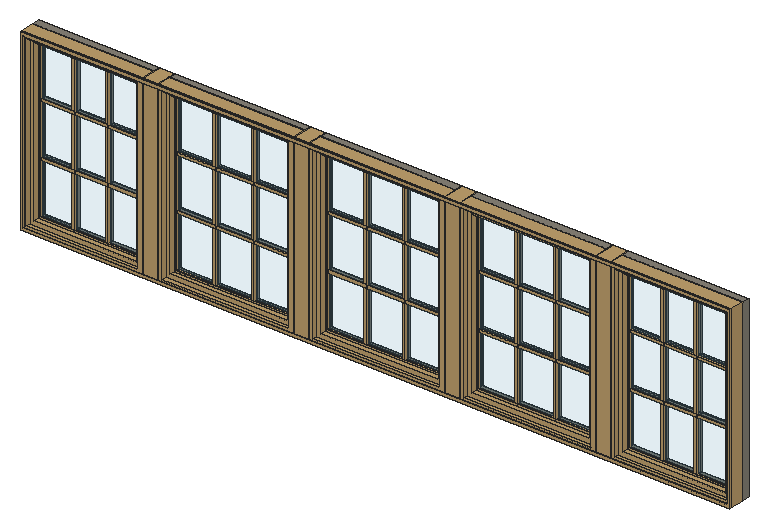
Revit family
Parameters (values of type "CUCA3648")
  Window Type = "Clad Ultimate Casement"
  Vent Area Flanker = if(Flanker Operating, VO Width * VO Height, 0.00 SF)  # 7.26179 SF
  Vent Area Center = if(Center Operating, VO Width Center * VO Height, 0.00 SF)  # 8.42878 SF
  VO Width Center = if(Center Width < 1' 8", Center Width - 0' 9 19/32", Center Width - 0' 7 7/64")  # 2' - 4 57/64"
  VO Width = if(Flanker Width < 1' 8", Flanker Width - 0' 9 19/32", Flanker Width - 0' 7 7/64")  # 2' - 0 57/64"
  VO Height = Height - 0' 5 29/256"  # 3' - 6 3/256"
  URL = "www.marvin.com"
  Lites Wide Flanker = 3
  Lites Wide Center = 3
  Left Flanker LH Operating = yes
  Left Flanker RH Operating = no
  Right Flanker LH Operating = no
  Right Flanker RH Operating = yes
  Label Egress Center = if(and(and(and(VO Width Center > 1' 8", VO Height > 2' 0"), Vent Area Center > 5.70 SF), Center Operating), "EGRESS WDW", "")  # "EGRESS WDW"
  Egress Window Center = if(and(and(and(VO Width Center > 1' 8", VO Height > 2' 0"), Vent Area Center > 5.70 SF), Center Operating), "Yes", "No")  # "Yes"
  Egress Window Flanker = if(and(and(and(VO Width > 1' 8", VO Height > 2' 0"), Vent Area Flanker > 5.70 SF), Flanker Operating), "Yes", "No")  # "Yes"
  Center Operating = or(Center Units LH Operating, Center Units RH Operating)  # yes
  Flanker Operating = or(Left Flanker LH Operating, Left Flanker RH Operating, Right Flanker LH Operating, Right Flanker RH Operating)  # yes
  Center Units LH Operating = yes
  Center Units RH Operating = no
  Center Width = if(Standard Marvin Widths, Center Unit Standard Width, Center Unit Width)  # 3' - 0"
  Center Units Array = if(Center Units < 2, 2, Center Units)  # 3
  Standard Marvin Widths = yes
  Prairie Corner Width = 0' - 4"
  Prairie Corner Height = 0' - 4"
  Flanker Width = if(Standard Marvin Widths, Flanker Unit Standard Width, Flanker Unit Width)  # 2' - 8"
  Flanker Unit Standard Width = Calc_Width Flanker  # 2' - 8"
  Center Unit Standard Width = Calc_Width Center  # 3' - 0"
  Center Unit Mull Width = (Center Units * Center Width) + ((Center Units + 1) * Mull Space)  # 10' - 4"
  Center Single Visibility = Mulled Units Array = 3  # no
  Center Array Visibility = Mulled Units Array > 3  # yes
  Space = if(Mull Space > 0' 0 1/32", Mull Space, 0' 0 1/32")  # 0' - 4"
  Plan Swing Angle [instance] = 15.00°
  Nominal Width Center Unit = 3' - 0"
  Nominal Height = 4' - 0"
  Muntins Interior Material = Wood-Marvin-Pine
  Muntins Exterior Material = Aluminum-Marvin-Bronze
  Mulled Units Array = if(Mulled Units < 2, 2, Mulled Units)  # 5
  Mulled Units = 5
  Mull Space Units = if(Mulled Units < 3, 2, (Mulled Units - 1))  # 4
  Mull Space Single Visibility = and(Mulled Units Array = 2, Mull Space > 0' 0 1/32")  # no
  Mull Space Array Visibility = and(Mulled Units Array > 2, Mull Space > 0' 0 1/32")  # yes
  Mull Space = 0' - 4"
  Model Flanker CUCA = Calc_Model Width * 100 + Calc_Model Height  # 3248
  Model = "CUCA3648"
  Manufacturer = "Marvin Windows and Doors"
  Lites Wide Flanker Constraint = if(Flanker Unit Standard Width > 1' 4", Lites Wide Center, if(Lites Wide Center < 2, 1, 2))  # 3
  Lites Wide Center Constraint = if(Center Unit Standard Width > 1' 4", Lites Wide Center, if(Lites Wide Center < 2, 1, 2))  # 3
  Lites High Constraint = if(Nominal Height > 1' 4", Lites High, if(Lites High < 2, 1, 2))  # 3
  Lites High = 3
  Lite Cut Prairie 9 Constraint = if(and(and(Center Unit Standard Width > 1' 4", Nominal Height > 1' 4"), and(Flanker Unit Standard Width > 1' 4"), Nominal Height > 1' 4"), Lite Cut Prairie 9, 1 = 0)  # no
  Lite Cut Prairie 9 = no
  Lite Cut HV Grid = not(Lite Cut Prairie 9)  # yes
  Label Visibility = no
  Label Egress = if(and(and(and(VO Width > 1' 8", VO Height > 2' 0"), Vent Area Flanker > 5.70 SF), Flanker Operating), "EGRESS WDW", "")  # "EGRESS WDW"
  Label [instance] = and(Label Visibility, Mulled Units > 2)  # no
  Interior Material = Wood-Marvin-Pine
  Glazing Material = Glass-Marvin-IG Low E II with Argon
  Glass Type = "IG Low E II with Argon"
  Frame = "Aluminum Clad"
  Flanker Units = 2  # constant formula
  Flanker Unit Width = 2' - 8"
  Family created by = "www.rbuiltcomponents.com"
  Rough Width = Width + 0' 1"  # 15' - 9"
  Rough Height = Height + 0' 0 1/2"  # 3' - 11 5/8"
  Muntins Interior Visibility = yes
  Muntins Exterior Visibility = yes
  Jamb Extension Visibility = yes
  Inset to Installation Flange [instance] = 0' - 1"
  Height = Nominal Height - 0' 0 7/8"  # 3' - 11 1/8"
  Disclaimer line1 [instance] = "Verify assembly availability"  # constant formula
  Disclaimer line2 [instance] = "with a Marvin representative"  # constant formula
  Design Pressure = "DP50"
  Description = "3648 CSMT"
  Default Head Height = 8' - 0"
  Wall Closure = (empty or 0)
  Width = Flanker Width * 2 + Center Unit Mull Width  # 15' - 8"
  Daylight Area = (DLO Width Flanker * DLO Height * 2) + (DLO Width Center * DLO Height * Center Units)  # 41.0077 SF
  DLO Width Center = Center Width - 0' 5 13/16"  # 2' - 6 3/16"
  DLO Width Flanker = Flanker Width - 0' 5 13/16"  # 2' - 2 3/16"
  DLO Height = Height - 0' 5 13/16"  # 3' - 5 5/16"
  Cladding Material = Aluminum-Marvin-Bronze
  Center Units = (Mulled Units - 2)  # 3
  Center Unit Width = Nominal Width Center Unit  # 3' - 0"
  Calc_Width Center = if(Center Unit Width < 1' 5", 1' 4", if(Center Unit Width < 1' 7", 1' 6", if(Center Unit Width < 1' 10", 1' 8", if(Center Unit Width < 2' 1", 2' 0", if(Center Unit Width < 2' 3", 2' 2", if(Center Unit Width < 2' 5", 2' 4", if(Center Unit Width < 2' 7", 2' 6", if(Center Unit Width < 2' 10", 2' 8", if(Center Unit Width < 3' 2", 3' 0", 3' 4")))))))))  # 3' - 0"
  Calc_Width Flanker = if(Flanker Unit Width < 1' 5", 1' 4", if(Flanker Unit Width < 1' 7", 1' 6", if(Flanker Unit Width < 1' 10", 1' 8", if(Flanker Unit Width < 2' 1", 2' 0", if(Flanker Unit Width < 2' 3", 2' 2", if(Flanker Unit Width < 2' 5", 2' 4", if(Flanker Unit Width < 2' 7", 2' 6", if(Flanker Unit Width < 2' 10", 2' 8", if(Flanker Unit Width < 3' 2", 3' 0", 3' 4")))))))))  # 2' - 8"
  Calc_Model Width = (Flanker Unit Standard Width * 12) / 1' 0"  # 32
  Calc_Model Height = (Nominal Height * 12) / 1' 0"  # 48
  Assembly Code = ""
  Note To User = "All Lite Constraints Apply To Standard Widths Or Heights < 1 - 6"  # constant formula
Reference planes (in)
  plane 1 "Center (Front/Back)": y = 0
  plane 2: z = 0
  plane 3 "Center (Left/Right)": x = 37
  plane 4 "Sill": z = 48.875
  plane 5 "Top": z = 96
  plane 6: z = 72.4375
  plane 7: x = -25
  plane 8: x = 99
  plane 9: y = 2
  plane 10 "Jamb Ext face": y = -2.5625
  plane 11: x = -21
  plane 12: x = 95
  plane 13 "Right": x = -57
  plane 14 "Left": x = 131
  plane 15: y = -2.59375
Forms (in)
  Sweep 1, solid, material "Wood-Marvin-Pine" <- "Interior Material", visible <- "Jamb Extension Visibility", detail levels medium+fine
    path origin (0, -2.5625, 0) x (1, 0, 0) y (0, 0, 1)
      loop
        line (-57, 96) -> (-57, 48.875) -> (131, 48.875) -> (131, 96) -> (-57, 96)
    profile origin (37, -2.5625, 96) x (0, 0, 1) y (0, -1, 0)
      loop
        line (0, 0.03125) -> (0, 0.4375) -> (-0.6875, 0.4375) -> (-0.6875, 0.03125) -> (0, 0.03125)
Lines and regions (in)
  Opening 1
    outline origin (-60, -3, 0) x (1, 0, 0) y (0, 0, 1)
      loop
        line (3, 96) -> (3, 48.875) -> (191, 48.875) -> (191, 96) -> (3, 96)
  Masking region 1, visible <- "Jamb Extension Visibility"
    outline origin (0, 0, 48.875) x (0, -1, 0) y (1, 0, 0)
      loop
        line (2.59375, -57) -> (3, -57) -> (3, 131) -> (2.59375, 131) -> (2.59375, -57)
  Masking region 2
    outline origin (37, 0, 0) x (0, 1, 0) y (0, 0, 1)
      loop
        line (3.09401, 96) -> (-2.5625, 96) -> (-2.5625, 48.875) -> (3.09401, 48.875) -> (3.09401, 96)
  Masking region 3, visible <- "Jamb Extension Visibility"
    outline origin (37, 0, 0) x (0, 1, 0) y (0, 0, 1)
      loop
        line (-2.59375, 96) -> (-3, 96) -> (-3, 48.875) -> (-2.59375, 48.875) -> (-2.59375, 96)
  symbolic lines, style "Windows"
    curve 1: line (-57, 3, 0) -> (-57, -3, 0)
    curve 2: line (131, 3, 0) -> (131, -3, 0)
  symbolic lines, style "WindowsFrameMullionProjection", detail levels coarse+medium
    curve 3: line (-3, 3.09401, 96) -> (-3, 3.09401, 94.812)
    curve 4: line (-3, 3.09401, 94.812) -> (-3, -2.56199, 94.812)
    curve 5: line (-3, -2.56199, 94.812) -> (-3, -2.56199, 96)
    curve 6: line (-3, 1.63401, 94.812) -> (-3, 1.63401, 93.104)
    curve 7: line (-3, 1.63401, 93.104) -> (-3, 0.01301, 93.104)
    curve 8: line (-3, 0.01301, 50.063) -> (-3, 0.01301, 51.771)
    curve 9: line (-3, 3.09401, 48.875) -> (-3, 3.09401, 50.063)
    curve 10: line (-3, 3.09401, 50.063) -> (-3, -2.56199, 50.063)
    curve 11: line (-3, -2.56199, 50.063) -> (-3, -2.56199, 48.875)
    curve 12: line (-3, 1.63401, 51.771) -> (-3, 0.01301, 51.771)
    curve 14: line (-3, 0.01301, 51.771) -> (-3, 0.01301, 93.104)
    curve 15: line (-3, 1.63401, 51.771) -> (-3, 1.63401, 50.063)
    curve 16: line (-3, 0.01301, 93.104) -> (-3, 0.01301, 94.812)
    curve 17: line (-3, 1.63401, 93.104) -> (-3, 1.63401, 51.771)
  symbolic lines, style "WindowsGlassProjection", detail levels coarse+medium
    curve 13: line (-3, 0.82598, 93.104) -> (-3, 0.82598, 51.771)
  symbolic lines, style "WindowsFrameMullionProjection"
    curve 18: line (-3, -2.56199, 50.063) -> (-3, -2.56199, 94.812)
  symbolic lines, style "WindowsFrameMullionProjection", visible <- "Jamb Extension Visibility", detail levels coarse+medium
    curve 19: line (37, -2.59375, 49.5625) -> (37, -3, 49.5625)
    curve 20: line (37, -3, 49.5625) -> (37, -3, 48.875)
    curve 25: line (37, -2.59375, 95.3125) -> (37, -3, 95.3125)
    curve 26: line (37, -3, 95.3125) -> (37, -3, 96)
    curve 27: line (-56.3125, -2.59375, 0) -> (-56.3125, -3, 0)
    curve 28: line (-56.3125, -3, 0) -> (-57, -3, 0)
    curve 29: line (130.3125, -2.59375, 0) -> (130.3125, -3, 0)
    curve 30: line (130.3125, -3, 0) -> (131, -3, 0)
  symbolic lines, style "Jamb Extension", visible <- "Jamb Extension Visibility", detail levels fine
    curve 21: line (37, -2.59375, 49.5625) -> (37, -3, 49.5625)
    curve 22: line (37, -3, 49.5625) -> (37, -3, 48.875)
    curve 23: line (37, -2.59375, 95.3125) -> (37, -3, 95.3125)
    curve 24: line (37, -3, 95.3125) -> (37, -3, 96)
    curve 31: line (130.3125, -2.59375, 0) -> (130.3125, -3, 0)
    curve 32: line (130.3125, -3, 0) -> (131, -3, 0)
    curve 33: line (-56.3125, -2.59375, 0) -> (-56.3125, -3, 0)
    curve 34: line (-56.3125, -3, 0) -> (-57, -3, 0)
Text (in)
  text "EXTERIOR" at (-58.6888, 50.90694, 0), in view "Ref. Level"
  text "INTERIOR" at (-58.6888, -37.76638, 0), in view "Ref. Level"
  text "Exterior" at (0, 43.65631, 123.19604), in view "Left"
  text "Exterior" at (0, 18.29385, 125.04747), in view "Right"
Dimensions and locks (in)
  "Height": plane 4 "Sill" to plane 5 "Top"
  equal spacing: plane 4 "Sill", plane 6, plane 5 "Top"
  "Default Head Height": plane 2 to plane 5 "Top"
  "Inset to Installation Flange": plane 9 to host wall
  locked: plane 10 "Jamb Ext face" to plane 9 at 4.5625
  nested 1 to host wall = 1' - 1"
  "Mull Space": plane 7 to plane 11
  "Mull Space": plane 12 to plane 8
  equal spacing: group 1, group 3, group 4, group 2  (x3)
  "Width": plane 13 "Right" to plane 14 "Left"
  equal spacing: plane 11, plane 3 "Center (Left/Right)", plane 12
  "Flanker Width": plane 13 "Right" to plane 7
  "Flanker Width": plane 8 to plane 14 "Left"
  equal spacing: group 5, group 7, group 6  (x3)
  equal spacing: plane 13 "Right", nested 9, plane 7
  equal spacing: plane 8, nested 10, plane 14 "Left"
  equal spacing: group 8, group 10, group 9  (x3)
  locked: plane 15 to plane 10 "Jamb Ext face" at 0.03125
  locked: Sweep 1 sketch curve to plane 5 "Top" at 0.6875
  aligned and locked: plane 5 "Top" to Opening 1 sketch curve
  aligned and locked: plane 4 "Sill" to Opening 1 sketch curve  (x2)
  aligned and locked: plane 3 "Center (Left/Right)" to nested 1
  aligned and locked: host wall to curve 1  (x2)
  aligned and locked: host wall to curve 2  (x2)
  aligned and locked: plane 3 "Center (Left/Right)" to nested 2
  aligned and locked: plane 9 to nested 2
  aligned and locked: plane 4 "Sill" to nested 3
  aligned and locked: plane 7 to nested 3
  aligned and locked: plane 9 to nested 3
  aligned and locked: nested 4 to plane 8
  aligned and locked: plane 9 to nested 4
  aligned and locked: nested 4 to plane 4 "Sill"
  aligned and locked: Masking region 1 sketch curve to host wall
  aligned and locked: plane 4 "Sill" to nested 5
  aligned and locked: plane 7 to nested 5
  aligned and locked: plane 9 to nested 5
  aligned and locked: plane 5 "Top" to Masking region 2 sketch curve
  aligned and locked: Masking region 2 sketch curve to plane 4 "Sill"
  aligned and locked: plane 4 "Sill" to nested 8
  aligned and locked: plane 9 to nested 8
  aligned and locked: curve 10 to nested 8
  aligned and locked: curve 11 to nested 8
  aligned and locked: nested 8 to curve 8
  aligned and locked: curve 15 to nested 8
  aligned and locked: curve 12 to nested 8
  aligned and locked: curve 5 to nested 8
  aligned and locked: curve 4 to nested 8
  aligned and locked: curve 6 to nested 8
  aligned and locked: curve 16 to nested 8
  aligned and locked: curve 7 to nested 8
  aligned and locked: nested 9 to nested 1
  aligned and locked: nested 10 to nested 1
  aligned and locked: plane 14 "Left" to nested 12
  aligned and locked: nested 12 to plane 9
  aligned and locked: plane 13 "Right" to nested 11
  aligned and locked: plane 9 to nested 11
  aligned and locked: plane 14 "Left" to Opening 1 sketch curve
  aligned and locked: plane 13 "Right" to Opening 1 sketch curve
  aligned and locked: plane 11 to nested 13
  aligned and locked: plane 9 to nested 13
  aligned and locked: nested 14 to plane 12
  aligned and locked: plane 9 to nested 14
  aligned and locked: plane 3 "Center (Left/Right)" to nested 16
  aligned and locked: plane 9 to nested 16
  aligned and locked: Masking region 1 sketch curve to plane 14 "Left"
  aligned and locked: plane 13 "Right" to Masking region 1 sketch curve
  aligned and locked: curve 1 to plane 13 "Right"
  aligned and locked: curve 2 to plane 14 "Left"
  aligned and locked: plane 11 to nested 17
  aligned and locked: plane 9 to nested 17
  aligned and locked: nested 17 to plane 4 "Sill"
  aligned and locked: plane 9 to nested 18
  aligned and locked: plane 14 "Left" to nested 19
  aligned and locked: plane 9 to nested 19
  aligned and locked: plane 4 "Sill" to nested 19
  aligned and locked: Masking region 2 sketch curve to nested 18
  aligned and locked: plane 12 to nested 20
  aligned and locked: plane 9 to nested 20
  aligned and locked: nested 20 to plane 4 "Sill"
  aligned and locked: plane 15 to Masking region 1 sketch curve
  aligned and locked: Masking region 2 sketch curve to plane 10 "Jamb Ext face"
  aligned and locked: plane 5 "Top" to Masking region 3 sketch curve
  aligned and locked: Masking region 3 sketch curve to plane 4 "Sill"
  aligned and locked: Masking region 3 sketch curve to host wall
  aligned and locked: plane 15 to Masking region 3 sketch curve
  aligned and locked: plane 13 "Right" to Sweep 1 sketch curve
  aligned and locked: Sweep 1 sketch curve to plane 14 "Left"
  aligned and locked: Sweep 1 sketch curve to plane 4 "Sill"
  aligned and locked: plane 5 "Top" to Sweep 1 sketch curve
  aligned and locked: plane 15 to Sweep 1 sketch curve
  aligned and locked: Sweep 1 sketch curve to host wall
  aligned and locked: profile plane to Sweep 1 sketch curve
  aligned and locked: curve 19 to Sweep 1  (x2)
  aligned and locked: host wall to curve 19
  aligned and locked: curve 23 to Sweep 1  (x2)
  aligned and locked: curve 24 to Sweep 1
  aligned and locked: curve 3 to nested 18
  aligned and locked: curve 9 to nested 18
  aligned and locked: Sweep 1 to curve 27
  aligned and locked: curve 27 to Sweep 1
  aligned and locked: curve 28 to host wall
  aligned and locked: Sweep 1 to curve 29
  aligned and locked: curve 29 to Sweep 1
  aligned and locked: host wall to curve 30
  aligned and locked: nested 2 to plane 4 "Sill"
  aligned and locked: nested 18 to plane 13 "Right"
  aligned and locked: nested 18 to plane 4 "Sill"
Automatic sketch dimensions
  curve 11 to plane 4 "Sill" = 0' - 0"
  curve 5 to plane 5 "Top" = 0' - 0"
  curve 9 to plane 4 "Sill" = 0' - 0"
  curve 3 to plane 5 "Top" = 0' - 0"
  curve 8 to curve 13 = 0' - 0.81298"
  curve 22 to plane 4 "Sill" = 0' - 0"
  curve 24 to plane 5 "Top" = 0' - 0"
Nested families (in)
  nested 1: "Label Annotation 1-16 w3" at (37, 16, 0), visible <- "Label", type "Label Annotation 1-16 w3"
  nested 2: "Window-Casement-Marvin-Clad_Ultimate" at (37, 2, 0), visible <- "Center Single Visibility", type "Stationary Unit"
    with Elevation Swing RH no, Elevation Swing LH yes
  nested 3: "Mull Space" at (-23, 2, 0), type "Mull Space"
  nested 4: "Mull Space" at (97, 2, 0), type "Mull Space"
  nested 5: "Mull Space" at (-23, 2, 0), visible <- "Mull Space Single Visibility", type "Mull Space"
  nested 6: "Mull Space" at (17, 2, 0), type "Mull Space"
  nested 7: "Mull Space" at (57, 2, 0), type "Mull Space"
  nested 8: "Casement_Section_Detail" at (37, 2, 96) x (0, -1, 0) z (1, 0, 0), type "Casement_Section_Detail", detail levels fine
  nested 9: "Label Annotation 1-16 w7" at (-41, 16, 0), visible <- "Label Visibility", type "Label Annotation 1-16 w7"
    with Model 3248
  nested 10: "Label Annotation 1-16 w7" at (115, 16, 0) x (-1, 0, 0) z (0, 0, 1), visible <- "Label Visibility", type "Label Annotation 1-16 w7"
    with Model 3248
  nested 11: "Plan_Detail_Operating" at (-41, 2, 0), type "Plan_Detail 2"
  nested 12: "Plan_Detail_Operating" at (115, 2, 0) x (-1, 0, 0) z (0, 0, 1), type "Plan_Detail"
  nested 13: "Plan_Detail" at (-3, 2, 0), visible <- "Center Array Visibility", type "Plan_Detail"
    with Plan Swing RH yes, Plan Swing LH no
  nested 14: "Plan_Detail" at (77, 2, 0), visible <- "Center Array Visibility", type "Plan_Detail"
    with Plan Swing RH yes, Plan Swing LH no
  nested 15: "Plan_Detail" at (37, 2, 0), visible <- "Center Array Visibility", type "Plan_Detail"
    with Plan Swing RH yes, Plan Swing LH no
  nested 16: "Plan_Detail" at (37, 2, 0), visible <- "Center Single Visibility", type "Plan_Detail"
    with Plan Swing RH yes, Plan Swing LH no
  nested 17: "Window-Casement-Marvin-Clad_Ultimate" at (-3, 2, 0), visible <- "Center Array Visibility", type "Stationary Unit"
    with Elevation Swing RH no, Elevation Swing LH yes
  nested 18: "Window-Casement-Marvin-Clad_Ultimate" at (-41, 2, 0), type "Operating Unit 2"
  nested 19: "Window-Casement-Marvin-Clad_Ultimate" at (115, 2, 0), type "Operating Unit"
  nested 20: "Window-Casement-Marvin-Clad_Ultimate" at (77, 2, 0), visible <- "Center Array Visibility", type "Stationary Unit"
    with Elevation Swing RH no, Elevation Swing LH yes
  nested 21: "Window-Casement-Marvin-Clad_Ultimate" at (37, 2, 0), visible <- "Center Array Visibility", type "Stationary Unit"
    with Elevation Swing RH no, Elevation Swing LH yes
Definition of nested family "Window-Casement-Marvin-Clad_Ultimate"
  Parameters (values of type "Stationary Unit")
    Width = 0' - 0"
    Unit Width = 3' - 0"
    Prairie Corner Width = 0' - 4"
    Prairie Corner Height = 0' - 4"
    Muntins Interior Material = Wood-Marvin-Pine
    Muntins Interior = yes
    Muntins Exterior Material = Aluminum-Marvin-Bronze
    Muntins Exterior = yes
    Lites Wide = 3
    Lites High = 3
    Lite Cut Prairie 9 = no
    Lite Cut HV Grid = yes
    Interior Finish = Wood-Marvin-Pine
    Height = 3' - 11 1/8"
    Glazing Material = Glass-Marvin-IG Low E II with Argon
    Elevation Swing RH = yes
    Elevation Swing LH = no
    DLO Width = Unit Width - 0' 5 13/16"  # 2' - 6 3/16"
    DLO Height = Height - 0' 5 13/16"  # 3' - 5 5/16"
    Cladding Finish = Aluminum-Marvin-Bronze
    Assembly Code = ""
  Types (3): name | Unit Width | Elevation Swing RH | Elevation Swing LH | DLO Width
    Stationary Unit | 3' - 0" | yes | no | 2' - 6 3/16"
    Operating Unit | 2' - 8" | no | yes | 2' - 2 3/16"
    Operating Unit 2 | 2' - 8" | yes | no | 2' - 2 3/16"
  Reference planes (in)
    plane 1 "Center (Front/Back)": y = 0
    plane 2: z = 0
    plane 3 "Center (Left/Right)": x = 0
    plane 4: x = 18
    plane 5: x = -18
    plane 6 "Glazing": y = -0.75
    plane 7: y = -4.5625
    plane 8: z = 96
    plane 9 "Sill": z = 48.875
    plane 10: z = 72.4375
  Forms (in)
    Sweep 1, solid, material "Aluminum-Marvin-Bronze" <- "Cladding Finish"
      path origin (0, -0.75, 0) x (1, 0, 0) y (0, 0, 1)
        loop
          line (-18, 48.875) -> (18, 48.875) -> (18, 96) -> (-18, 96) -> (-18, 48.875)
      profile "Profile_Ext_Clad_Frame : Profile_Ext_Clad_Frame" origin (0, -0.75, 48.875) x (0, 0, 1) y (0, -1, 0)
        loop
          line (0, 0) -> (0, -1.84401) -> (0.52105, -1.84401) -> (0.62315, -0.38401) -> (2.696, -0.38401) -> (2.696, -0.2654) -> (2.896, -0.0654) -> (2.896, 0) -> (0, 0)
    Sweep 2, solid, material "Wood-Marvin-Pine" <- "Interior Finish"
      path origin (0, -0.75, 0) x (1, 0, 0) y (0, 0, 1)
        loop
          line (18, 48.875) -> (18, 96) -> (-18, 96) -> (-18, 48.875) -> (18, 48.875)
      profile "Profile_Int_Frame : Profile_Int_Frame" origin (0, -0.75, 48.875) x (0, 0, -1) y (0, -1, 0)
        loop
          line (0, 0) -> (0, 3.81199) -> (-1.188, 3.81199) -> (-1.188, 2.71113) -> (-2.30184, 2.71113) -> (-2.30184, 1.23699) -> (-2.7085, 1.23699) -> (-2.7085, 1.13715) -> (-2.896, 0.94965) -> (-2.896, 0.75299) -> (-2.208, 0.75299) -> (-2.208, 0) -> (0, 0)
    Extrusion 3, solid, material "Glass-Marvin-IG Low E II with Argon" <- "Glazing Material"
      sketch origin (0, -0.75, 0) x (1, 0, 0) y (0, 0, 1)
        loop
          line (15.75, 93.75) -> (-15.75, 93.75) -> (-15.75, 51.125) -> (15.75, 51.125) -> (15.75, 93.75)
      from 0 to 0.75299
  Lines and regions (in)
    Masking region 1
      outline origin (0, 0, 48.875) x (1, 0, 0) y (0, 1, 0)
        loop
          line (-18, 1.09401) -> (-18, -4.5625) -> (18, -4.5625) -> (18, 1.09401) -> (-18, 1.09401)
    symbolic lines, style "Elevation Swing", visible <- "Elevation Swing RH"
      curve 1: line (17.37685, 0, 49.49815) -> (-17.37685, 0, 72.4375)
      curve 2: line (17.37685, 0, 95.37685) -> (-17.37685, 0, 72.4375)
    symbolic lines, style "Elevation Swing", visible <- "Elevation Swing LH"
      curve 3: line (-17.37685, 0, 49.49815) -> (17.37685, 0, 72.4375)
      curve 4: line (-17.37685, 0, 95.37685) -> (17.37685, 0, 72.4375)
    symbolic lines, style "WindowsFrameMullionProjection", detail levels coarse+medium
      curve 5: line (-16.812, -4.56199, 48.875) -> (-18, -4.56199, 48.875)
      curve 6: line (-16.812, 1.09401, 48.875) -> (-16.812, -4.56199, 48.875)
      curve 7: line (-18, 1.09401, 48.875) -> (-16.812, 1.09401, 48.875)
      curve 8: line (-18, -4.56199, 48.875) -> (-18, 1.09401, 48.875)
      curve 9: line (16.812, -4.56199, 48.875) -> (18, -4.56199, 48.875)
      curve 10: line (16.812, 1.09401, 48.875) -> (16.812, -4.56199, 48.875)
      curve 11: line (18, 1.09401, 48.875) -> (16.812, 1.09401, 48.875)
      curve 12: line (18, -4.56199, 48.875) -> (18, 1.09401, 48.875)
      curve 13: line (-16.812, -0.36599, 48.875) -> (-15.104, -0.36599, 48.875)
      curve 14: line (-15.104, -1.98699, 48.875) -> (-16.812, -1.98699, 48.875)
      curve 15: line (-15.104, -0.36599, 48.875) -> (-15.104, -1.98699, 48.875)
      curve 16: line (16.812, -0.36599, 48.875) -> (15.104, -0.36599, 48.875)
      curve 17: line (15.104, -1.98699, 48.875) -> (16.812, -1.98699, 48.875)
      curve 18: line (15.104, -0.36599, 48.875) -> (15.104, -1.98699, 48.875)
      curve 20: line (-15.104, -0.36599, 48.875) -> (15.104, -0.36599, 48.875)
      curve 21: line (-15.104, -1.98699, 48.875) -> (15.104, -1.98699, 48.875)
    symbolic lines, style "WindowsGlassProjection", detail levels coarse+medium
      curve 19: line (-15.104, -1.17649, 48.875) -> (15.104, -1.17649, 48.875)
  Dimensions and locks (in)
    equal spacing: plane 5, plane 3 "Center (Left/Right)", plane 4
    "Unit Width": plane 5 to plane 4
    locked: plane 6 "Glazing" to plane 1 "Center (Front/Back)" at 0.75
    locked: plane 7 to plane 1 "Center (Front/Back)" at 4.5625
    plane 2 to plane 8 = 8' - 0"
    "Height": plane 9 "Sill" to plane 8
    equal spacing: plane 9 "Sill", plane 10, plane 8
    locked: Extrusion 3 sketch curve to plane 8 at 2.25
    locked: plane 9 "Sill" to Extrusion 3 sketch curve at 2.25
    locked: Extrusion 3 sketch curve to plane 5 at 2.25
    plane 4 to Extrusion 3 sketch curve = 0' - 2 1/4"
    aligned and locked: Sweep 1 sketch curve to plane 4
    aligned and locked: plane 9 "Sill" to Sweep 1 sketch curve
    aligned and locked: plane 5 to Sweep 1 sketch curve
    aligned and locked: Sweep 1 sketch curve to plane 8
    aligned and locked: plane 9 "Sill" to Sweep 2 sketch curve
    aligned and locked: Sweep 2 sketch curve to plane 8
    aligned and locked: Sweep 2 sketch curve to plane 4
    aligned and locked: plane 5 to Sweep 2 sketch curve
    aligned and locked: Extrusion 3 to plane 6 "Glazing"
    aligned and locked: Extrusion 3 to Sweep 2
    aligned and locked: plane 5 to Masking region 1 sketch curve
    aligned and locked: Masking region 1 sketch curve to plane 4
    aligned and locked: Masking region 1 sketch curve to Sweep 1
    aligned and locked: Masking region 1 sketch curve to plane 7
    aligned and locked: plane 6 "Glazing" to nested 2
    aligned and locked: nested 1 to Sweep 2
    aligned and locked: nested 2 to plane 10
    aligned and locked: nested 2 to plane 3 "Center (Left/Right)"
    aligned and locked: plane 10 to nested 1
    aligned and locked: plane 3 "Center (Left/Right)" to nested 1
    aligned and locked: Sweep 1 to curve 3  (x2)
    aligned and locked: curve 4 to Sweep 1
    aligned and locked: curve 1 to Sweep 1
    aligned and locked: Sweep 1 to curve 1
    aligned and locked: Sweep 1 to curve 2
  Automatic sketch dimensions
    curve 8 to plane 5 = 0' - 0"
    curve 11 to plane 4 = 0' - 0"
    plane 5 to curve 14 = 0' - 1.188"
    curve 14 to curve 15 = 0' - 1.708"
    curve 21 to plane 4 = 0' - 2.896"
    curve 17 to plane 4 = 0' - 1.188"
    curve 9 to plane 7 = 0' - 0.00051"
    plane 1 "Center (Front/Back)" to curve 16 = 0' - 0.36599"
    curve 5 to plane 7 = 0' - 0.00051"
    plane 6 "Glazing" to curve 14 = 0' - 1.23699"
    plane 6 "Glazing" to curve 19 = 0' - 0.42649"
    curve 7 to plane 1 "Center (Front/Back)" = 0' - 1.09401"
    curve 10 to plane 1 "Center (Front/Back)" = 0' - 1.09401"
    curve 2 to plane 10 = 0' - 0"
    curve 4 to plane 10 = 0' - 0"
    plane 9 "Sill" to curve 1 = 0' - 0.62315"
    plane 9 "Sill" to curve 3 = 0' - 0.62315"
    curve 4 to plane 8 = 0' - 0.62315"
    curve 2 to plane 8 = 0' - 0.62315"
  Nested families (in)
    nested 1: "Muntins" at (0, -1.50299, 15.78125), Muntin Material <- "Muntins Interior Material", visible <- "Muntins Interior", type "Muntins"
      with Muntin Material Wood-Marvin-Pine, GlazingWidth 2' - 6 3/16", GlazingHeight 3' - 5 5/16", Width 2' - 6 5/8", Height 3' - 5 3/4", Inset Vert 0' - 9.83333", Inset Horiz 1' - 1.54167"
    nested 2: "Muntins" at (0, -0.75, 15.78125), Muntin Material <- "Muntins Exterior Material", visible <- "Muntins Exterior", type "Muntins"
      with Muntin Material Aluminum-Marvin-Bronze, GlazingWidth 2' - 6 3/16", GlazingHeight 3' - 5 5/16", Width 2' - 6 5/8", Height 3' - 5 3/4", Inset Vert 0' - 9.83333", Inset Horiz 1' - 1.54167"
  Definition of nested family "Muntins"
    Parameters (values of type "Muntins")
      PrairieMuntVisible = no
      Prairie Corner Width = 0' - 4"
      Prairie Corner Height = 0' - 4"
      Muntin Extension = 0' - 0 7/16"
      GridMuntVisible = yes
      GlazingWidth = 2' - 0"
      GlazingHeight = 2' - 11 1/8"
      Width = GlazingWidth + Muntin Extension  # 2' - 0 7/16"
      VerticalMuntins = if(LitesHorizontal < 3, 2, LitesHorizontal - 1)  # 2
      VertMuntVisible = and(GridMuntVisible, LitesHorizontal > 2)  # yes
      MuntinWidth = 0' - 0 3/4"
      MuntinDepth [instance] = 0' - 0 3/8"
      Muntin Material [instance] = none
      LitesVertical = 3
      LitesHorizontal = 3
      HorizontalMuntins = if(LitesVertical < 3, 2, LitesVertical - 1)  # 2
      HorizMuntVisible = and(GridMuntVisible, LitesVertical > 2)  # yes
      Height = GlazingHeight + Muntin Extension  # 2' - 11 9/16"
      Inset Vert = if(LitesHorizontal < 3, (Width / 3) - (MuntinWidth / 2), (Width / LitesHorizontal) - (MuntinWidth / 2))  # 0' - 7.77083"
      Inset Horiz = if(LitesVertical < 3, (Height / 3) - (MuntinWidth / 2), (Height / LitesVertical) - (MuntinWidth / 2))  # 0' - 11.47917"
      CenterMuntinVertical = and(GridMuntVisible, LitesHorizontal = 2)  # no
      CenterMuntinHorizontal = and(GridMuntVisible, LitesVertical = 2)  # no
      Assembly Code = ""
    Reference planes (in)
      plane 1 "Center (Front/Back)": y = 0
      plane 2: z = 0
      plane 3 "Center (Left/Right)": x = 0
      plane 4: z = 35.78125
      plane 5: z = 53.5625
      plane 6: z = 71.34375
      plane 7: z = 59.86458
      plane 8: z = 47.26042
      plane 9: z = 71.125
      plane 10: z = 36
      plane 11: x = -12
      plane 12: x = 12
      plane 13: x = -4.44792
      plane 14: x = -12.21875
      plane 15: x = 12.21875
      plane 16: x = 4.44792
      plane 17: z = 67.125
      plane 18: z = 40
      plane 19: x = -8
      plane 20: x = 8
    Forms (in)
      Extrusion 1, solid, material <- "Muntin Material", visible <- "CenterMuntinVertical", detail levels medium+fine
        sketch origin (9, 0, 0) x (1, 0, 0) y (0, 0, 1)
          loop
            line (-9.375, 71.34375) -> (-9.375, 35.78125) -> (-8.625, 35.78125) -> (-8.625, 71.34375) -> (-9.375, 71.34375)
        from 0 to 0.375 <- "MuntinDepth"
      Extrusion 2, solid, material <- "Muntin Material", visible <- "CenterMuntinHorizontal", detail levels medium+fine
        sketch origin (-0.0013, 0, 14.6875) x (1, 0, 0) y (0, 0, 1)
          loop
            line (-12.21745, 39.25) -> (-12.21745, 38.5) -> (12.22005, 38.5) -> (12.22005, 39.25) -> (-12.21745, 39.25)
        from 0 to 0.375 <- "MuntinDepth"
      Extrusion 3, solid, material <- "Muntin Material", visible <- "VertMuntVisible", detail levels medium+fine
        sketch origin (4.92708, 0, -2.90625) x (1, 0, 0) y (0, 0, 1)
          loop
            line (-9.375, 74.25) -> (-9.375, 38.6875) -> (-8.625, 38.6875) -> (-8.625, 74.25) -> (-9.375, 74.25)
        from 0 to 0.375 <- "MuntinDepth"
      Extrusion 4, solid, material <- "Muntin Material", visible <- "HorizMuntVisible", detail levels medium+fine
        sketch origin (-3.09635, 0, 14.17708) x (1, 0, 0) y (0, 0, 1)
          loop
            line (-9.1224, 45.6875) -> (-9.1224, 44.9375) -> (15.3151, 44.9375) -> (15.3151, 45.6875) -> (-9.1224, 45.6875)
        from 0 to 0.375 <- "MuntinDepth"
      Extrusion 5, solid, material <- "Muntin Material", visible <- "HorizMuntVisible", detail levels medium+fine
        sketch origin (-3.09635, 0, 2.32292) x (1, 0, 0) y (0, 0, 1)
          loop
            line (-9.1224, 45.6875) -> (-9.1224, 44.9375) -> (15.3151, 44.9375) -> (15.3151, 45.6875) -> (-9.1224, 45.6875)
        from 0 to 0.375 <- "MuntinDepth"
      Extrusion 6, solid, material <- "Muntin Material", visible <- "VertMuntVisible", detail levels medium+fine
        sketch origin (13.07292, 0, -2.90625) x (1, 0, 0) y (0, 0, 1)
          loop
            line (-9.375, 74.25) -> (-9.375, 38.6875) -> (-8.625, 38.6875) -> (-8.625, 74.25) -> (-9.375, 74.25)
        from 0 to 0.375 <- "MuntinDepth"
      Extrusion 7, solid, material <- "Muntin Material", visible <- "PrairieMuntVisible", detail levels medium+fine
        sketch origin (1, 0, 0) x (1, 0, 0) y (0, 0, 1)
          loop
            line (-9, 71.34375) -> (-9, 35.78125) -> (-8.25, 35.78125) -> (-8.25, 71.34375) -> (-9, 71.34375)
        from 0 to 0.375 <- "MuntinDepth"
      Extrusion 8, solid, material <- "Muntin Material", visible <- "PrairieMuntVisible", detail levels medium+fine
        sketch origin (17, 0, 0) x (1, 0, 0) y (0, 0, 1)
          loop
            line (-9.75, 71.34375) -> (-9.75, 35.78125) -> (-9, 35.78125) -> (-9, 71.34375) -> (-9.75, 71.34375)
        from 0 to 0.375 <- "MuntinDepth"
      Extrusion 9, solid, material <- "Muntin Material", visible <- "PrairieMuntVisible", detail levels medium+fine
        sketch origin (-0.0013, 0, 28.25) x (1, 0, 0) y (0, 0, 1)
          loop
            line (-12.21745, 38.875) -> (-12.21745, 38.125) -> (12.22005, 38.125) -> (12.22005, 38.875) -> (-12.21745, 38.875)
        from 0 to 0.375 <- "MuntinDepth"
      Extrusion 10, solid, material <- "Muntin Material", visible <- "PrairieMuntVisible", detail levels medium+fine
        sketch origin (-0.0013, 0, 1.125) x (1, 0, 0) y (0, 0, 1)
          loop
            line (-12.21745, 39.625) -> (-12.21745, 38.875) -> (12.22005, 38.875) -> (12.22005, 39.625) -> (-12.21745, 39.625)
        from 0 to 0.375 <- "MuntinDepth"
    Cuts and joins
      joined: Extrusion 7, Extrusion 8, Extrusion 9, Extrusion 10
    Lines and regions (in)
      model lines, style "Muntins", visible <- "CenterMuntinHorizontal", detail levels coarse
        curve 1: line (-12.21875, 0, 53.5625) -> (12.21875, 0, 53.5625)
      model lines, style "Muntins", visible <- "HorizMuntVisible", detail levels coarse
        curve 2: line (-12.21875, 0, 59.48958) -> (12.21875, 0, 59.48958)
        curve 3: line (-12.21875, 0, 47.63542) -> (12.21875, 0, 47.63542)
      model lines, style "Muntins", visible <- "CenterMuntinVertical", detail levels coarse
        curve 4: line (0, 0, 71.34375) -> (0, 0, 35.78125)
      model lines, style "Muntins", visible <- "VertMuntVisible", detail levels coarse
        curve 5: line (-4.07292, 0, 71.34375) -> (-4.07292, 0, 35.78125)
        curve 6: line (4.07292, 0, 71.34375) -> (4.07292, 0, 35.78125)
      model lines, style "Muntins", visible <- "PrairieMuntVisible", detail levels coarse
        curve 7: line (-12.21875, 0, 66.75) -> (12.21875, 0, 66.75)
        curve 8: line (-12.21875, 0, 40.375) -> (12.21875, 0, 40.375)
        curve 9: line (-7.625, 0, 35.78125) -> (-7.625, 0, 71.34375)
        curve 10: line (7.625, 0, 35.78125) -> (7.625, 0, 71.34375)
    Dimensions and locks (in)
      "Inset Horiz": plane 6 to plane 7
      "Inset Horiz": plane 8 to plane 4
      equal spacing: plane 6, plane 5, plane 4
      "Height": plane 6 to plane 4
      "GlazingHeight": plane 9 to plane 10
      equal spacing: plane 9, plane 5, plane 10
      "GlazingWidth": plane 12 to plane 11
      equal spacing: plane 12, plane 3 "Center (Left/Right)", plane 11
      "MuntinWidth": Extrusion 1 sketch curve to Extrusion 1 sketch curve
      "Height": Extrusion 1 sketch curve to Extrusion 1 sketch curve
      "MuntinWidth": Extrusion 2 sketch curve to Extrusion 2 sketch curve
      "Width": Extrusion 2 sketch curve to Extrusion 2 sketch curve
      "MuntinWidth": Extrusion 3 sketch curve to Extrusion 3 sketch curve
      "Height": Extrusion 3 sketch curve to Extrusion 3 sketch curve
      "Width": plane 15 to plane 14
      equal spacing: plane 15, plane 3 "Center (Left/Right)", plane 14
      "Inset Vert": plane 13 to plane 14
      "Inset Vert": plane 15 to plane 16
      "MuntinWidth": Extrusion 4 sketch curve to Extrusion 4 sketch curve
      "Width": Extrusion 4 sketch curve to Extrusion 4 sketch curve
      "MuntinWidth": Extrusion 5 sketch curve to Extrusion 5 sketch curve
      "Width": Extrusion 5 sketch curve to Extrusion 5 sketch curve
      group 2 to group 3 = 0' - 0"  (x2)
      group 3 to group 2 = 0' - 11.85417"
      "MuntinWidth": Extrusion 6 sketch curve to Extrusion 6 sketch curve
      "Height": Extrusion 6 sketch curve to Extrusion 6 sketch curve
      group 4 to group 5 = 0' - 8.14583"
      group 4 to group 5 = 0' - 0"  (x2)
      "Prairie Corner Width": plane 19 to plane 11
      "Prairie Corner Width": plane 20 to plane 12
      "Prairie Corner Height": plane 9 to plane 17
      "Prairie Corner Height": plane 18 to plane 10
      "MuntinWidth": Extrusion 7 sketch curve to Extrusion 7 sketch curve
      "Height": Extrusion 7 sketch curve to Extrusion 7 sketch curve
      "MuntinWidth": Extrusion 8 sketch curve to Extrusion 8 sketch curve
      "Height": Extrusion 8 sketch curve to Extrusion 8 sketch curve
      "MuntinWidth": Extrusion 9 sketch curve to Extrusion 9 sketch curve
      "Width": Extrusion 9 sketch curve to Extrusion 9 sketch curve
      "MuntinWidth": Extrusion 10 sketch curve to Extrusion 10 sketch curve
      "Width": Extrusion 10 sketch curve to Extrusion 10 sketch curve
      aligned and locked: plane 6 to Extrusion 1  (x2)
      aligned and locked: Extrusion 1 to plane 4  (x3)
      aligned and locked: Extrusion 3 to plane 13  (x5)
      aligned and locked: Extrusion 3 to plane 4  (x3)
      aligned and locked: Extrusion 2 to plane 14
      aligned and locked: plane 15 to Extrusion 2
      aligned and locked: plane 6 to Extrusion 3
      aligned and locked: plane 7 to Extrusion 4
      aligned and locked: Extrusion 4 to plane 14
      aligned and locked: plane 15 to Extrusion 4
      aligned and locked: curve 1 to plane 5
      aligned and locked: plane 14 to curve 1
      aligned and locked: plane 15 to curve 1
      aligned and locked: Extrusion 5 to plane 14
      aligned and locked: Extrusion 5 to plane 8
      aligned and locked: plane 15 to Extrusion 5
      aligned and locked: Extrusion 5 to curve 3  (x2)
      aligned and locked: Extrusion 4 to curve 2  (x2)
      aligned and locked: curve 4 to plane 3 "Center (Left/Right)"
      aligned and locked: Extrusion 1 to curve 4  (x2)
      aligned and locked: Extrusion 3 to curve 5  (x2)
      aligned and locked: Extrusion 6 to curve 6  (x2)
      aligned and locked: Extrusion 6 to plane 16
      aligned and locked: plane 6 to Extrusion 6
      aligned and locked: plane 6 to curve 6
      aligned and locked: Extrusion 6 to plane 4
      aligned and locked: plane 4 to curve 6
      aligned and locked: cut or joined group of Extrusion 7, Extrusion 8, Extrusion 9, Extrusion 10 to plane 19
      aligned and locked: plane 20 to cut or joined group of Extrusion 7, Extrusion 8, Extrusion 9, Extrusion 10
      aligned and locked: plane 17 to cut or joined group of Extrusion 7, Extrusion 8, Extrusion 9, Extrusion 10
      aligned and locked: cut or joined group of Extrusion 7, Extrusion 8, Extrusion 9, Extrusion 10 to plane 18
      aligned and locked: cut or joined group of Extrusion 7, Extrusion 8, Extrusion 9, Extrusion 10 to curve 7  (x2)
      aligned and locked: cut or joined group of Extrusion 7, Extrusion 8, Extrusion 9, Extrusion 10 to curve 8  (x2)
      aligned and locked: cut or joined group of Extrusion 7, Extrusion 8, Extrusion 9, Extrusion 10 to curve 9  (x2)
      aligned and locked: cut or joined group of Extrusion 7, Extrusion 8, Extrusion 9, Extrusion 10 to curve 10  (x2)
    Automatic sketch dimensions
      Extrusion 1 sketch curve to plane 4 = 0' - 0"
      Extrusion 1 sketch curve to plane 3 "Center (Left/Right)" = 0' - 0 3/8"
      Extrusion 2 sketch curve to plane 14 = 0' - 0"
      Extrusion 2 sketch curve to plane 5 = 0' - 0 3/8"
      Extrusion 7 sketch curve to plane 4 = 0' - 0"
      Extrusion 7 sketch curve to plane 19 = 0' - 0"
      Extrusion 8 sketch curve to plane 4 = 0' - 0"
      Extrusion 8 sketch curve to plane 20 = 0' - 0 3/4"
      Extrusion 9 sketch curve to plane 14 = 0' - 0"
      Extrusion 9 sketch curve to plane 17 = 0' - 0 3/4"
      Extrusion 10 sketch curve to plane 14 = 0' - 0"
      Extrusion 10 sketch curve to plane 18 = 0' - 0"
      plane 19 to curve 9 = 0' - 0 3/8"
      curve 10 to plane 20 = 0' - 0 3/8"
      plane 18 to curve 8 = 0' - 0 3/8"
      curve 7 to plane 17 = 0' - 0 3/8"
Definition of nested family "Mull Space"
  Parameters (values of type "Mull Space")
    Mull Space = 0' - 4"
    Interior Finish = Wood-Marvin-Pine
    Height = 3' - 11 1/8"
    Cladding Finish = Aluminum-Marvin-Bronze
    Assembly Code = ""
  Reference planes (in)
    plane 1 "Center (Front/Back)": y = 0
    plane 2: z = 0
    plane 3 "Center (Left/Right)": x = 0
    plane 4: y = -4.5625
    plane 5: y = 1.09375
    plane 6: x = 2
    plane 7: x = -2
    plane 8: z = 96
    plane 9 "Sill": z = 48.875
  Forms (in)
    Extrusion 1, solid, material "Wood-Marvin-Pine" <- "Interior Finish"
      sketch origin (0, 0, 0) x (1, 0, 0) y (0, 1, 0)
        loop
          line (-2, 1.09375) -> (-2, -4.5625) -> (2, -4.5625) -> (2, 1.09375) -> (-2, 1.09375)
      from 48.875 to 96
  Lines and regions (in)
    Masking region 1
      outline origin (0, 0, 48.875) x (1, 0, 0) y (0, 1, 0)
        loop
          line (-2, 1.09375) -> (-2, -4.5625) -> (2, -4.5625) -> (2, 1.09375) -> (-2, 1.09375)
    Split face 1
      outline origin (0, 0, 96) x (1, 0, 0) y (0, 1, 0)
        loop
          line (2, 0) -> (-2, 0)
    Split face 2
      outline origin (0, 0, 48.875) x (1, 0, 0) y (0, 1, 0)
        loop
          line (2, 0) -> (-2, 0)
    symbolic lines, style "WindowsFrameMullionProjection", detail levels coarse+medium
      curve 1: line (-2, 1.09375, 48.875) -> (2, 1.09375, 48.875)
      curve 2: line (-2, -4.5625, 48.875) -> (2, -4.5625, 48.875)
  Dimensions and locks (in)
    locked: plane 4 to plane 1 "Center (Front/Back)" at 4.5625
    locked: plane 1 "Center (Front/Back)" to plane 5 at 1.09375
    equal spacing: plane 7, plane 3 "Center (Left/Right)", plane 6
    "Mull Space": plane 7 to plane 6
    "Height": plane 9 "Sill" to plane 8
    aligned and locked: plane 5 to Extrusion 1 sketch curve
    aligned and locked: Extrusion 1 sketch curve to plane 4
    aligned and locked: Extrusion 1 sketch curve to plane 6
    aligned and locked: plane 7 to Extrusion 1 sketch curve
    aligned and locked: plane 8 to Extrusion 1
    aligned and locked: plane 7 to Masking region 1 sketch curve
    aligned and locked: Masking region 1 sketch curve to plane 6
    aligned and locked: plane 5 to Masking region 1 sketch curve
    aligned and locked: Masking region 1 sketch curve to plane 4
    aligned and locked: Split face 1 sketch curve to plane 1 "Center (Front/Back)"
    aligned and locked: Split face 2 sketch curve to plane 1 "Center (Front/Back)"
    aligned and locked: Extrusion 1 to plane 9 "Sill"
  Automatic sketch dimensions
    Split face 1 sketch curve to Extrusion 1 = 0' - 0"  (x2)
    Split face 2 sketch curve to Extrusion 1 = 0' - 0"  (x2)
    curve 2 to plane 4 = 0' - 0"
    curve 2 to plane 7 = 0' - 0"
    curve 1 to plane 5 = 0' - 0"
    curve 1 to plane 7 = 0' - 0"
    curve 2 to plane 6 = 0' - 0"
    curve 1 to plane 6 = 0' - 0"
Definition of nested family "Label Annotation 1-16 w3"
  Parameters (values of type "Label Annotation 1-16 w3")
    Mulled Units = 3
    Egress Info = "EGRESS WDW"
    Description = "3648 CSMT"
  Reference planes (in)
    plane 1: y = 0
    plane 2: x = 0
  Text (in)
    label "Mulled Units X Description Egress Info" at (0.00375, -0.00345, 0), shows "Mulled Units", "Description", "Egress Info"
Definition of nested family "Casement_Section_Detail"
  Parameters (values of type "Casement_Section_Detail")
    Height = 3' - 11 1/8"
    Assembly Code = ""
  Reference planes (in)
    plane 1 "Center (Front/Back)": y = 0
    plane 2: z = 0
    plane 3 "Center (Left/Right)": x = 0
    plane 4: y = 47.125
  Lines and regions (in)
    detail lines, style "Cut Lines", in view "Ref. Level"
      curve 1: line (0.74625, 44.77203, 0) -> (0.74625, 2.35297, 0)
      curve 2: line (0.86425, 44.77203, 0) -> (0.86425, 2.35297, 0)
      curve 3: line (1.37825, 44.77203, 0) -> (1.37825, 2.35297, 0)
      curve 4: line (1.49625, 44.77203, 0) -> (1.49625, 2.35297, 0)
    detail lines, style "DetailComponentsHiddenLines", in view "Ref. Level"
      curve 5: line (2.36799, 3.28429, 0) -> (2.36799, 44.04984, 0)
  Dimensions and locks (in)
    "Height": plane 4 to plane 1 "Center (Front/Back)"
    aligned and locked: plane 1 "Center (Front/Back)" to nested 1
    aligned and locked: plane 3 "Center (Left/Right)" to nested 1
    aligned and locked: nested 2 to plane 4
    aligned and locked: plane 3 "Center (Left/Right)" to nested 2
    aligned and locked: nested 1 to curve 5  (x2)
    aligned and locked: nested 2 to curve 5
  Automatic sketch dimensions
    plane 3 "Center (Left/Right)" to curve 1 = 0' - 0.74625"
    curve 1 to curve 2 = 0' - 0.118"
    curve 2 to curve 3 = 0' - 0.514"
    curve 3 to curve 4 = 0' - 0.118"
    curve 3 to curve 5 = 0' - 0.93132"
    curve 2 to curve 3 = 0' - 0"  (x2)
    curve 4 to curve 3 = 0' - 0"  (x2)
    curve 1 to curve 2 = 0' - 0"  (x2)
    curve 5 to curve 3 = 0' - 0.72219"
  Nested families (in)
    nested 1: "Sill_Detail" at (0, 0, 0), type "Sill_Detail", in view "Ref. Level"
    nested 2: "Head_Detail" at (0, 47.125, 0), type "Head_Detail", in view "Ref. Level"
  Definition of nested family "Sill_Detail"
    Parameters (values of type "Sill_Detail")
      Assembly Code = ""
    Reference planes (in)
      plane 1 "Center (Front/Back)": y = 0
      plane 2: z = 0
      plane 3 "Center (Left/Right)": x = 0
    Lines and regions (in)
      detail lines, style "Cut Lines", in view "Ref. Level"
        curve 1: line (4.56199, 0, 0) -> (4.56199, 1.188, 0)
        curve 2: line (-1.09401, 0, 0) -> (4.56199, 0, 0)
        curve 3: line (4.56199, 1.188, 0) -> (0.76198, 1.188, 0)
        curve 4: line (-1.09401, 0.52105, 0) -> (-1.09401, 0, 0)
        curve 5: line (0.56409, 0.637, 0) -> (-1.09401, 0.52105, 0)
        curve 6: line (0.56409, 0.637, 0) -> (1.98699, 0.637, 0)
        curve 7: line (0, -1.5, 0) -> (0, -0.15, 0)
        curve 8: line (-0.04501, 0, 0) -> (-0.04501, -1.5, 0)
        curve 9: line (-0.04501, -1.5, 0) -> (0, -1.5, 0)
        curve 10: line (0.10999, -0.15, 0) -> (0.10999, 0, 0)
        curve 11: line (0, -0.15, 0) -> (0.10999, -0.15, 0)
        curve 12: line (3.46342, 1.188, 0) -> (3.46342, 2.51098, 0)
        curve 13: line (3.46342, 2.51098, 0) -> (1.98699, 2.51098, 0)
        curve 14: line (0.76198, 0.805, 0) -> (0.76198, 1.188, 0)
        curve 15: line (0.36599, 0.805, 0) -> (0.76198, 0.805, 0)
        curve 16: line (0.36599, 2.696, 0) -> (0.36599, 0.805, 0)
        curve 17: line (0.4846, 2.696, 0) -> (0.36599, 2.696, 0)
        curve 18: line (0.6846, 2.896, 0) -> (0.4846, 2.696, 0)
        curve 19: line (0.71396, 2.208, 0) -> (0.71396, 2.896, 0)
        curve 20: line (1.50299, 2.208, 0) -> (0.71396, 2.208, 0)
        curve 21: line (1.50299, 2.896, 0) -> (1.50299, 2.208, 0)
        curve 22: line (1.67399, 2.896, 0) -> (1.50299, 2.896, 0)
        curve 23: line (1.98699, 2.677, 0) -> (1.89299, 2.677, 0)
        curve 24: line (1.98699, 0.637, 0) -> (1.98699, 2.677, 0)
        curve 25: line (0.71396, 2.896, 0) -> (0.6846, 2.896, 0)
        curve 26: line (1.89299, 2.677, 0) -> (1.67399, 2.896, 0)
        curve 27: line (2.71899, 2.51098, 0) -> (2.71899, 3.19429, 0)
        curve 28: line (2.34399, 3.09029, 0) -> (2.34399, 2.51098, 0)
        curve 29: line (2.57074, 3.09029, 0) -> (2.34399, 3.09029, 0)
        curve 30: line (2.57074, 3.21229, 0) -> (2.57074, 3.09029, 0)
        curve 31: line (2.61899, 3.28429, 0) -> (2.36799, 3.28429, 0)
        curve 32: line (2.36799, 3.21229, 0) -> (2.57074, 3.21229, 0)
        curve 33: line (2.36799, 3.21229, 0) -> (2.36799, 3.28429, 0)
        curve 34: line (2.71899, 3.19429, 0) -> (2.61899, 3.19429, 0)
        curve 35: line (2.61899, 3.19429, 0) -> (2.61899, 3.28429, 0)
        curve 36: line (1.38075, 2.353, 0) -> (1.49875, 2.353, 0)
        curve 37: line (0.86675, 2.478, 0) -> (1.38075, 2.478, 0)
        curve 38: line (0.87375, 2.728, 0) -> (1.37375, 2.728, 0)
        curve 39: line (0.74875, 2.353, 0) -> (0.86675, 2.353, 0)
  Definition of nested family "Head_Detail"
    Parameters (values of type "Head_Detail")
      Assembly Code = ""
    Reference planes (in)
      plane 1 "Center (Front/Back)": y = 0
      plane 2: z = 0
      plane 3 "Center (Left/Right)": x = 0
    Lines and regions (in)
      detail lines, style "Cut Lines", in view "Ref. Level"
        curve 1: line (4.56199, 0, 0) -> (4.56199, -1.188, 0)
        curve 2: line (-1.09401, 0, 0) -> (4.56199, 0, 0)
        curve 3: line (4.56199, -1.188, 0) -> (0.76198, -1.188, 0)
        curve 4: line (-1.09401, -0.52105, 0) -> (-1.09401, 0, 0)
        curve 5: line (0.56409, -0.637, 0) -> (-1.09401, -0.52105, 0)
        curve 6: line (0.56409, -0.637, 0) -> (1.98699, -0.637, 0)
        curve 7: line (0, 1.5, 0) -> (0, 0.15, 0)
        curve 8: line (-0.04501, 0, 0) -> (-0.04501, 1.5, 0)
        curve 9: line (-0.04501, 1.5, 0) -> (0, 1.5, 0)
        curve 10: line (0.10999, 0.15, 0) -> (0.10999, 0, 0)
        curve 11: line (0, 0.15, 0) -> (0.10999, 0.15, 0)
        curve 12: line (3.46342, -1.188, 0) -> (3.46342, -2.30184, 0)
        curve 13: line (3.46342, -2.30184, 0) -> (2.34399, -2.30184, 0)
        curve 14: line (2.34399, -2.489, 0) -> (1.98699, -2.489, 0)
        curve 15: line (0.76198, -0.805, 0) -> (0.76198, -1.188, 0)
        curve 16: line (0.36599, -0.805, 0) -> (0.76198, -0.805, 0)
        curve 17: line (0.36599, -2.696, 0) -> (0.36599, -0.805, 0)
        curve 18: line (0.4846, -2.696, 0) -> (0.36599, -2.696, 0)
        curve 19: line (0.6846, -2.896, 0) -> (0.4846, -2.696, 0)
        curve 20: line (0.71396, -2.208, 0) -> (0.71396, -2.896, 0)
        curve 21: line (1.50299, -2.208, 0) -> (0.71396, -2.208, 0)
        curve 22: line (1.50299, -2.896, 0) -> (1.50299, -2.208, 0)
        curve 23: line (1.67399, -2.896, 0) -> (1.50299, -2.896, 0)
        curve 24: line (1.98699, -2.677, 0) -> (1.89299, -2.677, 0)
        curve 25: line (1.98699, -0.637, 0) -> (1.98699, -2.677, 0)
        curve 26: line (0.71396, -2.896, 0) -> (0.6846, -2.896, 0)
        curve 27: line (1.89299, -2.677, 0) -> (1.67399, -2.896, 0)
        curve 28: line (2.71899, -2.30184, 0) -> (2.71899, -2.98516, 0)
        curve 29: line (2.34399, -2.88116, 0) -> (2.34399, -2.30184, 0)
        curve 30: line (2.57074, -2.88116, 0) -> (2.34399, -2.88116, 0)
        curve 31: line (2.57074, -3.00316, 0) -> (2.57074, -2.88116, 0)
        curve 32: line (2.61899, -3.07516, 0) -> (2.36799, -3.07516, 0)
        curve 33: line (2.36799, -3.00316, 0) -> (2.57074, -3.00316, 0)
        curve 34: line (2.36799, -3.00316, 0) -> (2.36799, -3.07516, 0)
        curve 35: line (2.71899, -2.98516, 0) -> (2.61899, -2.98516, 0)
        curve 36: line (2.61899, -2.98516, 0) -> (2.61899, -3.07516, 0)
        curve 37: line (1.38075, -2.353, 0) -> (1.49875, -2.353, 0)
        curve 38: line (0.86675, -2.478, 0) -> (1.38075, -2.478, 0)
        curve 39: line (0.87375, -2.728, 0) -> (1.37375, -2.728, 0)
        curve 40: line (0.74875, -2.353, 0) -> (0.86675, -2.353, 0)
Definition of nested family "Label Annotation 1-16 w7"
  Parameters
    Model = 0
    Label = ""
    Egress Info = "EGRESS WDW"
    Description = "CSMT"
  Reference planes (in)
    plane 1: y = 0
    plane 2: x = 0
  Text (in)
    label "Model Description\n\nEgress Info" at (0.00375, -0.00345, 0), shows "Model", "Description", "Egress Info"
Definition of nested family "Plan_Detail_Operating"
  Parameters (values of type "Plan_Detail")
    Width = 2' - 8"
    Swing Angle = 15.00°
    Screen Visibility = or(Plan Swing RH, Plan Swing LH)  # yes
    Plan Swing RH = no
    Plan Swing Length = Width - 0' 2 3/8"  # 2' - 5 5/8"
    Plan Swing LH = yes
    Assembly Code = ""
  Reference planes (in)
    plane 1 "Center (Front/Back)": y = 0
    plane 2: z = 0
    plane 3 "Center (Left/Right)": x = 0
    plane 4: x = -16
    plane 5: x = 16
    plane 6: x = -14.8125
    plane 7: x = 14.8125
    plane 8: y = -0.36599
  Lines and regions (in)
    detail lines, style "DetailComponentsHiddenLines", in view "Ref. Level", visible <- "Plan Swing RH"
      curve 1: line (14.8125, -0.36599, 0) -> (-13.80305, 7.30152, 0)
      curve 2: arc (-13.80305, 7.30152, 0) -> (-14.55905, 3.50085, 0) -> (-14.8125, -0.36599, 0) r 29.625
    detail lines, style "DetailComponentsHiddenLines", in view "Ref. Level", visible <- "Plan Swing LH"
      curve 3: line (-14.8125, -0.36599, 0) -> (13.80305, 7.30152, 0)
      curve 4: arc (13.80305, 7.30152, 0) -> (14.55905, 3.50085, 0) -> (14.8125, -0.36599, 0) r 29.625
    detail lines, style "DetailComponentsHiddenLines", in view "Ref. Level", visible <- "Screen Visibility", detail levels fine
      curve 5: line (-12.92484, -2.36799, 0) -> (12.92484, -2.36799, 0)
    detail lines, style "Cut Lines", in view "Ref. Level", detail levels fine
      curve 6: line (-13.647, -0.74875, 0) -> (13.647, -0.74875, 0)
      curve 7: line (-13.647, -0.86675, 0) -> (13.647, -0.86675, 0)
      curve 8: line (-13.647, -1.38075, 0) -> (13.647, -1.38075, 0)
      curve 9: line (-13.647, -1.49875, 0) -> (13.647, -1.49875, 0)
  Dimensions and locks (in)
    equal spacing: plane 4, plane 3 "Center (Left/Right)", plane 5
    "Width": plane 4 to plane 5
    locked: plane 4 to plane 6 at 1.1875
    locked: plane 7 to plane 5 at 1.1875
    locked: plane 8 to plane 1 "Center (Front/Back)" at 0.36599
    "Plan Swing Length": curve 1 to curve 1
    "Plan Swing Length": curve 3 to curve 3
    "Swing Angle": angle curve 1 to plane 8
    "Swing Angle": angle plane 8 to curve 3
    aligned and locked: plane 1 "Center (Front/Back)" to nested 1
    aligned and locked: nested 1 to plane 4
    aligned and locked: plane 5 to nested 2
    aligned and locked: nested 2 to plane 1 "Center (Front/Back)"
    aligned and locked: nested 1 to curve 5  (x2)
    aligned and locked: curve 6 to nested 1  (x2)
    aligned and locked: nested 1 to curve 7
    aligned and locked: curve 7 to nested 1
    aligned and locked: curve 8 to nested 1  (x2)
    aligned and locked: nested 1 to curve 9
    aligned and locked: curve 9 to nested 1
  Automatic sketch dimensions
    curve 2 to plane 6 = 0' - 0"
    curve 4 to plane 6 = 0' - 0"
    curve 2 to plane 7 = 0' - 0"
    curve 2 to plane 8 = 0' - 0"
    curve 5 to plane 7 = 0' - 1.88766"
    curve 8 to plane 7 = 0' - 1.1655"
    curve 6 to curve 8 = 0' - 0"
    curve 9 to curve 8 = 0' - 0"
    curve 7 to curve 6 = 0' - 0"
  Nested families (in)
    nested 1: "Jamb_Detail" at (-16, 0, 0), type "Jamb_Detail", in view "Ref. Level", detail levels fine
    nested 2: "Jamb_Detail" at (16, 0, 0) x (-1, 0, 0) z (0, 0, 1), type "Jamb_Detail", in view "Ref. Level", detail levels fine
  Definition of nested family "Jamb_Detail"
    Parameters (values of type "Jamb_Detail")
      Screen Visibility = yes
      Assembly Code = ""
    Reference planes (in)
      plane 1 "Center (Front/Back)": y = 0
      plane 2: z = 0
      plane 3 "Center (Left/Right)": x = 0
    Lines and regions (in)
      detail lines, style "Cut Lines", in view "Ref. Level"
        curve 1: line (0, 4.56199, 0) -> (1.188, 4.56199, 0)
        curve 2: line (0, -1.09401, 0) -> (0, 4.56199, 0)
        curve 3: line (1.188, 4.56199, 0) -> (1.188, 0.76198, 0)
        curve 4: line (0.52105, -1.09401, 0) -> (0, -1.09401, 0)
        curve 5: line (0.637, 0.56409, 0) -> (0.52105, -1.09401, 0)
        curve 6: line (0.637, 0.56409, 0) -> (0.637, 1.98699, 0)
        curve 7: line (1.188, 3.46342, 0) -> (2.115, 3.46342, 0)
        curve 8: line (2.115, 3.46342, 0) -> (2.115, 2.86577, 0)
        curve 9: line (2.30184, 2.86577, 0) -> (2.30184, 2.34399, 0)
        curve 10: line (2.489, 2.34399, 0) -> (2.489, 1.98699, 0)
        curve 11: line (2.115, 2.86577, 0) -> (2.30184, 2.86577, 0)
        curve 12: line (0.805, 0.76198, 0) -> (1.188, 0.76198, 0)
        curve 13: line (0.805, 0.36599, 0) -> (0.805, 0.76198, 0)
        curve 14: line (2.696, 0.36599, 0) -> (0.805, 0.36599, 0)
        curve 15: line (2.696, 0.4846, 0) -> (2.696, 0.36599, 0)
        curve 16: line (2.896, 0.6846, 0) -> (2.696, 0.4846, 0)
        curve 17: line (2.208, 0.71396, 0) -> (2.896, 0.71396, 0)
        curve 18: line (2.208, 1.50299, 0) -> (2.208, 0.71396, 0)
        curve 19: line (2.896, 1.50299, 0) -> (2.208, 1.50299, 0)
        curve 20: line (2.896, 1.67399, 0) -> (2.896, 1.50299, 0)
        curve 21: line (2.677, 1.98699, 0) -> (2.677, 1.89299, 0)
        curve 22: line (0.637, 1.98699, 0) -> (2.677, 1.98699, 0)
        curve 23: line (2.896, 0.71396, 0) -> (2.896, 0.6846, 0)
        curve 24: line (2.677, 1.89299, 0) -> (2.896, 1.67399, 0)
        curve 34: line (2.353, 1.38075, 0) -> (2.353, 1.49875, 0)
        curve 35: line (2.478, 0.86675, 0) -> (2.478, 1.38075, 0)
        curve 36: line (2.728, 0.87375, 0) -> (2.728, 1.37375, 0)
        curve 37: line (2.353, 0.74875, 0) -> (2.353, 0.86675, 0)
        curve 38: line (2.489, 2.34399, 0) -> (2.30184, 2.34399, 0)
      detail lines, style "Cut Lines", in view "Ref. Level", visible <- "Screen Visibility"
        curve 25: line (2.30184, 2.71899, 0) -> (2.98516, 2.71899, 0)
        curve 26: line (2.88116, 2.34399, 0) -> (2.489, 2.34399, 0)
        curve 27: line (2.88116, 2.57074, 0) -> (2.88116, 2.34399, 0)
        curve 28: line (3.00316, 2.57074, 0) -> (2.88116, 2.57074, 0)
        curve 29: line (3.07516, 2.61899, 0) -> (3.07516, 2.36799, 0)
        curve 30: line (3.00316, 2.36799, 0) -> (3.00316, 2.57074, 0)
        curve 31: line (3.00316, 2.36799, 0) -> (3.07516, 2.36799, 0)
        curve 32: line (2.98516, 2.71899, 0) -> (2.98516, 2.61899, 0)
        curve 33: line (2.98516, 2.61899, 0) -> (3.07516, 2.61899, 0)
Definition of nested family "Plan_Detail"
  Parameters (values of type "Plan_Detail")
    Width = 3' - 0"
    Swing Angle = 15.00°
    Screen Visibility = or(Plan Swing RH, Plan Swing LH)  # yes
    Plan Swing RH = no
    Plan Swing Length = Width - 0' 2 3/8"  # 2' - 9 5/8"
    Plan Swing LH = yes
    Assembly Code = ""
  Reference planes (in)
    plane 1 "Center (Front/Back)": y = 0
    plane 2: z = 0
    plane 3 "Center (Left/Right)": x = 0
    plane 4: x = -18
    plane 5: x = 18
    plane 6: x = -16.8125
    plane 7: x = 16.8125
    plane 8: y = -0.36599
  Lines and regions (in)
    detail lines, style "DetailComponentsHiddenLines", in view "Ref. Level", visible <- "Plan Swing RH"
      curve 1: line (16.8125, -0.36599, 0) -> (-15.66676, 8.3368, 0)
      curve 2: arc (-15.66676, 8.3368, 0) -> (-16.52483, 4.02295, 0) -> (-16.8125, -0.36599, 0) r 33.625
